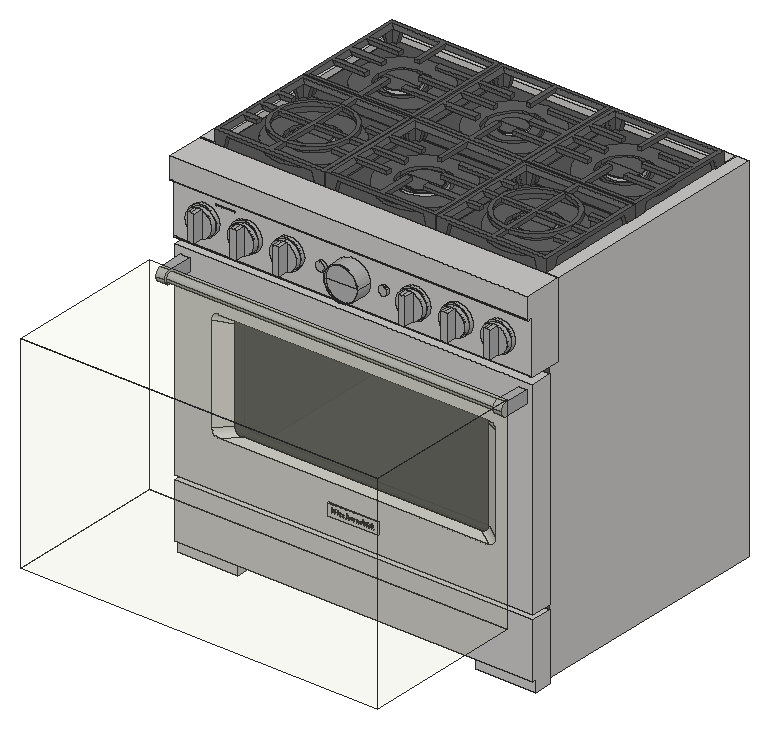
Revit family "P191568KX-127c_KFDC506J", category Specialty Equipment, Revit 2026 (continued)
Automatic sketch dimensions
  radius of curve 81 = 1 45/64"
  radius of curve 82 = 1 45/64"
  radius of Extrusion 211 sketch curve to Extrusion 210 = 0"
  radius of Extrusion 210 sketch curve = 0.48023"
  radius of Extrusion 210 sketch curve = 3/8"
Nested families (in)
  nested 1: "Kitchen Aid Logo 1" at (0, -27.1, 8.91263), type "Kitchen Aid Logo 1"
Connectors (in)
  electrical at (0, -1.94375, 4.60718), driven by "Voltage"
    settings: on Extrusion 199, index 2, voltage 0 V, apparent load 0 VA, apparent load phase1 0 VA, apparent load phase2 0 VA, apparent load phase3 0 VA, power factor 1, load classification "Other", number of poles 1, system type 30, power factor state 1, is connector primary yes, connector utility no, sub classification motor no, connector description "Electrical Connection"
  piping at (-4.74309, -5.10673, 2.94729), diameter 0.75
    settings: on cut or joined group of Extrusion 210, Extrusion 211, index 3, connector inside diameter 24", connector length 0", flow factor 0, pipe flow 0 GPM, pressure drop 0.00 psi, fitting loss kfactor 0, connector angle 0.00°, fixture units 0, engagement length 0", angle of deflection 0.00°, flow configuration 2, flow direction 1, fitting loss method 0, system type 22, joint type 0, gender type 0, connector reference index -1, connector utility 0, adjustable connector no, is connector primary yes, connector description "Gas Connection"
Definition of nested family "Kitchen Aid Logo 1"
  Parameters (values of type "Kitchen Aid Logo 1")
    Logo Material = none
    Default Elevation = 0"
  Reference planes (in)
    plane 1 "Center (Front/Back)": y = 0
    plane 2: z = 0
    plane 3 "Center (Left/Right)": x = 0
  Forms (in)
    Extrusion 1, solid, material <- "Logo Material"
      sketch origin (33.89516, 0, -75.06102) x (1, 0, 0) y (0, 0, 1)
        loop
          line (-36.39516, 76.23575) -> (-36.39516, 75.06102) -> (-31.39516, 75.06102) -> (-31.39516, 76.23575) -> (-36.39516, 76.23575)
      from 0 to 0.125
    Extrusion 2, void
      sketch origin (33.89516, -0.125, -75.06102) x (-1, 0, 0) y (0, 0, 1)
        loop
          arc (35.79847, 75.69267) -> (35.78412, 75.69987) -> (35.77219, 75.71061) r 0.06011
          line (35.77219, 75.71061) -> (35.64298, 75.89515) -> (35.50395, 75.89515) -> (35.6234, 75.69635)
          arc (35.6234, 75.69635) -> (35.59932, 75.68946) -> (35.58233, 75.67105) r 0.04634
          line (35.58233, 75.67105) -> (35.46039, 75.43172) -> (35.70137, 75.43172) -> (35.7491, 75.54986)
          arc (35.7491, 75.54986) -> (35.76679, 75.56962) -> (35.79131, 75.57973) r 0.05948
          arc (35.79131, 75.57973) -> (35.81387, 75.57354) -> (35.82372, 75.55231) r 0.02781
          line (35.82372, 75.55231) -> (35.82372, 75.43172) -> (36.02762, 75.43172) -> (36.02762, 75.89515) -> (35.82372, 75.89515) -> (35.82372, 75.71068)
          arc (35.82372, 75.71068) -> (35.81573, 75.69517) -> (35.79847, 75.69267) r 0.01905
        loop
          line (35.44371, 75.70514) -> (35.25834, 75.70514) -> (35.25834, 75.43172) -> (35.44371, 75.43172) -> (35.44371, 75.70514)
        loop
          spline (35.44371, 75.79525) -> (35.44055, 75.81145) -> (35.43129, 75.82654) -> (35.41656, 75.8395) -> (35.39736, 75.84944) -> (35.37501, 75.85569) -> (35.35102, 75.85782) -> (35.32703, 75.85569) -> (35.30468, 75.84944) -> (35.28548, 75.8395) -> (35.27075, 75.82654) -> (35.26149, 75.81145) -> (35.25834, 75.79525)
          spline (35.25834, 75.79525) -> (35.26149, 75.77906) -> (35.27075, 75.76397) -> (35.28548, 75.75101) -> (35.30468, 75.74106) -> (35.32703, 75.73481) -> (35.35102, 75.73268) -> (35.37501, 75.73481) -> (35.39736, 75.74106) -> (35.41656, 75.75101) -> (35.43129, 75.76397) -> (35.44055, 75.77906) -> (35.44371, 75.79525)
        loop
          line (35.16936, 75.69402) -> (35.16936, 75.77466) -> (34.99696, 75.77466) -> (34.99696, 75.69402) -> (34.91355, 75.69402) -> (34.91355, 75.61431) -> (34.99696, 75.61431) -> (34.99696, 75.53824)
          arc (34.99696, 75.53824) -> (34.98884, 75.51739) -> (34.97138, 75.5034) r 0.04321
          arc (34.97138, 75.5034) -> (34.94132, 75.5011) -> (34.91355, 75.51282) r 0.06398
          line (34.91355, 75.51282) -> (34.91355, 75.45834)
          arc (34.91355, 75.45834) -> (35.00114, 75.42214) -> (35.0959, 75.42) r 0.25806
          arc (35.0959, 75.42) -> (35.14522, 75.44894) -> (35.16936, 75.50078) r 0.09606
          line (35.16936, 75.50078) -> (35.16936, 75.61431) -> (35.22497, 75.61431) -> (35.22497, 75.69402) -> (35.16936, 75.69402)
        loop
          arc (34.83721, 75.68713) -> (34.68285, 75.73651) -> (34.52703, 75.69189) r 0.27944
          line (34.52703, 75.69189) -> (34.52703, 75.61033)
          arc (34.52703, 75.61033) -> (34.59537, 75.63775) -> (34.66835, 75.62789) r 0.14434
          arc (34.66835, 75.62789) -> (34.7027, 75.5765) -> (34.66835, 75.52511) r 0.05561
          arc (34.66835, 75.52511) -> (34.59537, 75.51525) -> (34.52703, 75.54267) r 0.14434
          line (34.52703, 75.54267) -> (34.52703, 75.46111)
          arc (34.52703, 75.46111) -> (34.68285, 75.41649) -> (34.83721, 75.46587) r 0.27944
          arc (34.83721, 75.46587) -> (34.8953, 75.5765) -> (34.83721, 75.68713) r 0.13439
        loop
          arc (34.30459, 75.72524) -> (34.2974, 75.71093) -> (34.28163, 75.70815) r 0.01785
          arc (34.28163, 75.70815) -> (34.23043, 75.71958) -> (34.17813, 75.72364) r 0.36932
          arc (34.17813, 75.72364) -> (34.09723, 75.70141) -> (34.04414, 75.63644) r 0.13804
          line (34.04414, 75.63644) -> (34.04414, 75.43172) -> (34.21654, 75.43172) -> (34.21654, 75.58465)
          arc (34.21654, 75.58465) -> (34.22468, 75.60431) -> (34.24434, 75.61246) r 0.02781
          line (34.24434, 75.61246) -> (34.27678, 75.61246)
          arc (34.27678, 75.61246) -> (34.29645, 75.60431) -> (34.30459, 75.58465) r 0.02781
          line (34.30459, 75.58465) -> (34.30459, 75.43172) -> (34.48996, 75.43172) -> (34.48996, 75.8488) -> (34.30459, 75.8488) -> (34.30459, 75.72524)
        loop
          arc (34.0116, 75.58461) -> (33.9904, 75.66397) -> (33.92811, 75.71752) r 0.13903
          arc (33.92811, 75.71752) -> (33.79384, 75.745) -> (33.65993, 75.71583) r 0.33152
          arc (33.65993, 75.71583) -> (33.60022, 75.66453) -> (33.57794, 75.58904) r 0.13903
          line (33.57794, 75.58904) -> (33.57794, 75.54758) -> (33.7954, 75.54758)
          arc (33.7954, 75.54758) -> (33.80722, 75.53919) -> (33.80319, 75.52527) r 0.01251
          arc (33.80319, 75.52527) -> (33.77216, 75.50878) -> (33.73729, 75.50447) r 0.09666
          arc (33.73729, 75.50447) -> (33.66001, 75.51277) -> (33.58535, 75.53443) r 0.444
          line (33.58535, 75.53443) -> (33.58535, 75.46748)
          arc (33.58535, 75.46748) -> (33.63319, 75.44562) -> (33.68448, 75.43395) r 0.25722
          arc (33.68448, 75.43395) -> (33.79476, 75.42875) -> (33.90414, 75.44378) r 0.60226
          arc (33.90414, 75.44378) -> (33.9832, 75.49486) -> (34.0116, 75.58461) r 0.13903
        loop
          arc (33.82198, 75.61802) -> (33.78987, 75.65509) -> (33.75777, 75.61802) r 0.03244
          line (33.75777, 75.61802) -> (33.82198, 75.61802)
        loop
          line (33.35735, 75.72447) -> (33.35735, 75.69082)
          arc (33.35735, 75.69082) -> (33.31527, 75.71717) -> (33.2683, 75.73327) r 0.21695
          arc (33.2683, 75.73327) -> (33.19572, 75.73204) -> (33.13158, 75.69805) r 0.1558
          arc (33.13158, 75.69805) -> (33.11419, 75.67451) -> (33.10802, 75.6459) r 0.06951
          line (33.10802, 75.6459) -> (33.10802, 75.43821) -> (33.28135, 75.43821) -> (33.28135, 75.59246)
          arc (33.28135, 75.59246) -> (33.31935, 75.63046) -> (33.35735, 75.59246) r 0.038
          line (33.35735, 75.59246) -> (33.35735, 75.43821) -> (33.54272, 75.43821) -> (33.54272, 75.72447) -> (33.35735, 75.72447)
        loop
          line (32.90852, 75.86016) -> (32.93395, 75.89515) -> (32.67628, 75.89515) -> (32.49167, 75.43821) -> (32.74655, 75.43821) -> (32.77857, 75.52163) -> (32.95212, 75.52163) -> (32.98753, 75.43821) -> (33.08763, 75.43821) -> (32.90852, 75.86016)
        loop
          line (32.90727, 75.62729) -> (32.86099, 75.73633) -> (32.81913, 75.62729) -> (32.90727, 75.62729)
        loop
          line (32.47036, 75.70514) -> (32.28499, 75.70514) -> (32.28499, 75.43172) -> (32.47036, 75.43172) -> (32.47036, 75.70514)
        loop
          spline (32.47036, 75.79525) -> (32.46721, 75.81145) -> (32.45795, 75.82654) -> (32.44322, 75.8395) -> (32.42402, 75.84944) -> (32.40167, 75.85569) -> (32.37768, 75.85782) -> (32.35369, 75.85569) -> (32.33134, 75.84944) -> (32.31214, 75.8395) -> (32.29741, 75.82654) -> (32.28815, 75.81145) -> (32.28499, 75.79525)
          spline (32.28499, 75.79525) -> (32.28815, 75.77906) -> (32.29741, 75.76397) -> (32.31214, 75.75101) -> (32.33134, 75.74106) -> (32.35369, 75.73481) -> (32.37768, 75.73268) -> (32.40167, 75.73481) -> (32.42402, 75.74106) -> (32.44322, 75.75101) -> (32.45795, 75.76397) -> (32.46721, 75.77906) -> (32.47036, 75.79525)
        loop
          line (31.97049, 75.43172) -> (31.97049, 75.4654)
          arc (31.97049, 75.4654) -> (32.06244, 75.44327) -> (32.15702, 75.44378) r 0.39253
          arc (32.15702, 75.44378) -> (32.23609, 75.49486) -> (32.26448, 75.58461) r 0.13903
          arc (32.26448, 75.58461) -> (32.24329, 75.66397) -> (32.18099, 75.71752) r 0.13903
          arc (32.18099, 75.71752) -> (32.07582, 75.74035) -> (31.97049, 75.71829) r 0.25803
          line (31.97049, 75.71829) -> (31.97049, 75.86919) -> (31.78975, 75.86919) -> (31.78975, 75.43172) -> (31.97049, 75.43172)
        loop
          line (31.97049, 75.61187) -> (31.97049, 75.55734)
          arc (31.97049, 75.55734) -> (32.01622, 75.5393) -> (32.05804, 75.56514) r 0.05486
          arc (32.05804, 75.56514) -> (32.06357, 75.58461) -> (32.05804, 75.60407) r 0.03707
          arc (32.05804, 75.60407) -> (32.01622, 75.62991) -> (31.97049, 75.61187) r 0.05486
      from 0 to 0.0689
  Cuts and joins
    Extrusion 2 cuts Extrusion 1
  Dimensions and locks (in)
    aligned and locked: plane 2 to level
